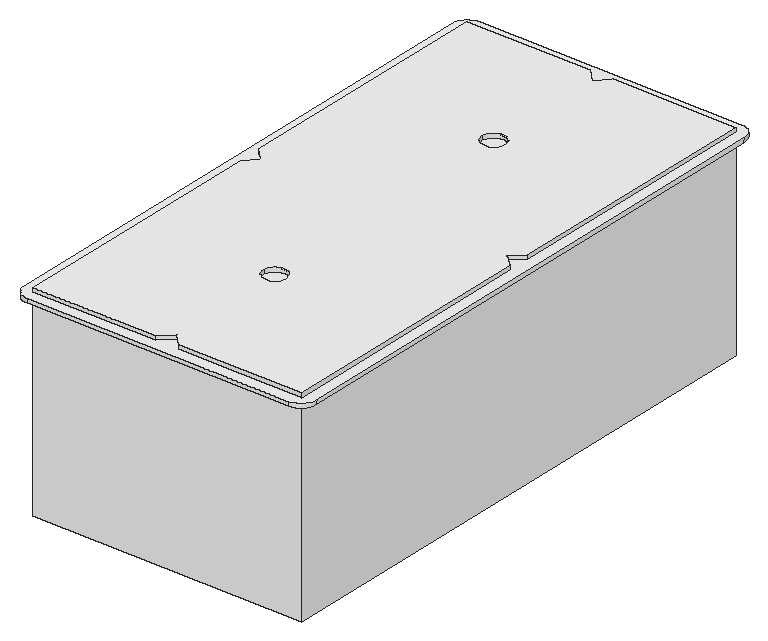
Revit family "Gira_281900", category Electrical Fixtures, host Face, Revit 2017
Family settings
  Host = Face
  Maintain Annotation Orientation = No
  Round Connector Dimension = Use Diameter
  Part Type = Normal
  Cut with Voids When Loaded = No
  Shared = No
  Room Calculation Point = No
Parameters (values of type "UP-Dose Rasiersteckd. Zubehör")
  URL = "http://katalog.gira.de/de_DE/datenblatt.html?artikelnr=281900"
  Region = "DE"
  Name = "UP-Dose Rasiersteckd. Zubehör"
  Manufacturer URL = "https://www.gira.de/"
  Keynote = "Sys55_UP-Dose_Rasiersteckd."
  HeinzeBIM = "https://bimportal.heinze.de/bim/up-dose-rasiersteckd-zubehoer/bb55bff5f91f716785fc183191677a841b676f4c"
  HAN = "281900"
  GTIN = "4010337994336"
  Default Elevation = 1219.2 mm
  Data sheet (1) = "https://katalog.gira.de/de_DE/download.html?artikelnr=281900"
  Category = "Zubehör für Installationsschalterprogramme"
  Available = "Yes"
Reference planes
  plane 1 "Center (Front/Back)": y = 0
  plane 2: z = 0
  plane 3 "Center (Left/Right)": x = 0
Forms (mm)
  Extrusion 1, solid, material "White", detail levels medium+fine
    sketch origin (0, 0, 0) x (1, 0, 0) y (0, 1, 0)
      loop
        line (0, 67.498) -> (-3, 70.498) -> (-35, 70.498) -> (-35, 2.998) -> (-32, -0.002) -> (-35, -3.002) -> (-35, -70.502) -> (-3, -70.502) -> (0, -67.502) -> (3, -70.502) -> (35, -70.502) -> (35, -3.002) -> (32, -0.002) -> (35, 2.998) -> (35, 70.498) -> (3, 70.498) -> (0, 67.498)
      loop
        circle (0, 35.548) r 3
      loop
        circle (0, -35.552) r 3
    from 0 to 1
  Extrusion 2, solid, material "White", detail levels medium+fine
    sketch origin (0, 0, 0) x (1, 0, 0) y (0, 1, 0)
      loop
        arc (-34, 73.5) -> (-36.828, 72.328) -> (-38, 69.5) r 4
        line (-38, 69.5) -> (-38, -69.5)
        arc (-38, -69.5) -> (-36.828, -72.328) -> (-34, -73.5) r 4
        line (-34, -73.5) -> (34, -73.5)
        arc (34, -73.5) -> (36.828, -72.328) -> (38, -69.5) r 4
        line (38, -69.5) -> (38, 69.5)
        arc (38, 69.5) -> (36.828, 72.328) -> (34, 73.5) r 4
        line (34, 73.5) -> (-34, 73.5)
    from 0 to -1
  Extrusion 3, solid, material "White", detail levels medium+fine
    sketch origin (0, 0, 0) x (1, 0, 0) y (0, 1, 0)
      loop
        line (-35.034, 70.634) -> (-35.034, -70.634) -> (35.034, -70.634) -> (35.034, 70.634) -> (-35.034, 70.634)
    from -1 to -52.2
  Extrusion 4, solid, material "White", detail levels medium
    sketch origin (0, 0, 0) x (1, 0, 0) y (0, 1, 0)
      loop
        line (35, 70.498) -> (-35, 70.498) -> (-35, -70.502) -> (35, -70.502) -> (35, 70.498)
    from 0 to 1
  Extrusion 5, solid, material "White", detail levels coarse
    sketch origin (0, 0, 0) x (1, 0, 0) y (0, 1, 0)
      loop
        line (38, 73.5) -> (-38, 73.5) -> (-38, -73.5) -> (38, -73.5) -> (38, 73.5)
    from -52.2 to 1
Dimensions and locks
  aligned and locked: plane 2 to host face
  aligned and locked: level to host face
